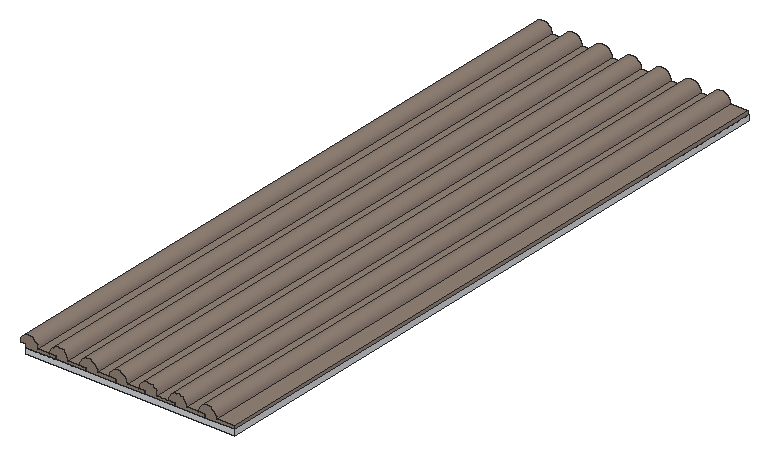
Revit family "Tambour Ellis 18  x 54", category Generic Models, host Face, Revit 2023
Family settings
  Host = Face
  Can host rebar = No
  Round Connector Dimension = Use Diameter
  Part Type = Normal
  Cut with Voids When Loaded = No
  Maintain Annotation Orientation = No
  Shared = No
  Room Calculation Point = No
Parameters (values of type "Tambour Ellis - 18 X 54 - WALNUT")
  Tambour Material = Cambio Wood Veneer - Walnut
  Default Elevation = 4' - 0"
Types (7): name | Tambour Material
  (no name) | Cambio Wood Veneer - Walnut
  Tambour Ellis - 18 X 54 - OAK | Cambio Wood Veneer - Oak
  Tambour Ellis - 18 X 54 - WALNUT | Cambio Wood Veneer - Walnut
  Tambour Ellis - 18 X 54 - SW MATTE BLACK | Cambio Color Block - Tricorn Black
  Tambour Ellis - 18 X 54 - SW MATTE WHITE | Cambio Color Block - White Flour
  Tambour Ellis - 18 X 54 - SW MATTE GRAY | Cambio Color Block - Serious Gray
  Tambour Ellis - 18 X 54 - SW MATTE LIGHT GRAY | Cambio Color Block - Morning Fog
Reference planes (in)
  plane 1 "Center (Front/Back)": y = 0
  plane 2: z = 0
  plane 3 "Center (Left/Right)": x = 0
Dimensions and locks (in)
  aligned and locked: plane 2 to host face
  aligned and locked: level to host face
Nested families (in)
  nested 1: "17.5 x 54 Substrate" at (0, 0, 0), type "17.5 x 54 Substrate"
  nested 2: "Tambour Ellis Stick" at (-8.5, 0, 0.47244), type "TAMBOUR .75 X 54" - OAK"
  nested 3: "Tambour Ellis Stick" at (-6, 0, 0.47244), type "TAMBOUR .75 X 54" - OAK"
  nested 4: "Tambour Ellis Stick" at (-3.5, 0, 0.47244), type "TAMBOUR .75 X 54" - OAK"
  nested 5: "Tambour Ellis Stick" at (-1, 0, 0.47244), type "TAMBOUR .75 X 54" - OAK"
  nested 6: "Tambour Ellis Stick" at (1.5, 0, 0.47244), type "TAMBOUR .75 X 54" - OAK"
  nested 7: "Tambour Ellis Stick" at (4, 0, 0.47244), type "TAMBOUR .75 X 54" - OAK"
  nested 8: "Tambour Ellis Stick" at (6.5, 0, 0.47244), type "TAMBOUR .75 X 54" - OAK"
Definition of nested family "17.5 x 54 Substrate"
  Parameters (values of type "17.5 x 54 Substrate")
    Width = 1' - 5 1/2"
    Substrate Material = none
    Substrate Height = 1' - 3"
    Height = 4' - 6"
    Default Elevation = 4' - 0"
  Reference planes (in)
    plane 1 "Center (Front/Back)": y = 0
    plane 2: z = 0
    plane 3 "Center (Left/Right)": x = 0
    plane 4: x = -9
  Forms (in)
    Extrusion 1, solid
      sketch origin (0, 0, 0) x (1, 0, 0) y (0, 1, 0)
        loop
          line (-48, 48) -> (-48, -48) -> (48, -48) -> (48, 48) -> (-48, 48)
      from 0 to -12
    Extrusion 2, solid, material <- "Substrate Material"
      sketch origin (0, 0, 0) x (1, 0, 0) y (0, 1, 0)
        loop
          line (-8.5, 27) -> (-8.5, -27) -> (9, -27) -> (9, 27) -> (-8.5, 27)
      from 0 to 0.47244
  Dimensions and locks (in)
    plane 4 to plane 3 "Center (Left/Right)" to Extrusion 2 sketch curve = 0' - 9", 0' - 9"
    equal spacing: Extrusion 2 sketch curve, plane 1 "Center (Front/Back)", Extrusion 2 sketch curve
    "Height": Extrusion 2 to Extrusion 2
    "Width": Extrusion 2 to Extrusion 2
    locked: plane 4 to Extrusion 2 sketch curve at 0.5
    aligned and locked: plane 2 to Extrusion 1
    aligned and locked: level to Extrusion 1
  Automatic sketch dimensions
    Extrusion 1 sketch curve to Extrusion 1 sketch curve = 8' - 0"  (x2)
    plane 1 "Center (Front/Back)" to Extrusion 2 sketch curve = 2' - 3"
Definition of nested family "Tambour Ellis Stick"
  Parameters (values of type "TAMBOUR .75 X 18" - OAK")
    TAMBOUR MATERIAL = none
    STICK LENGTH = 1' - 6"
    Default Elevation = 4' - 0"
  Types (25): name | STICK LENGTH
    (no name) | 1' - 6"
    TAMBOUR .75 X 18" - OAK | 1' - 6"
    TAMBOUR .75 X 36" - OAK | 3' - 0"
    TAMBOUR .75 X 54" - OAK | 4' - 6"
    TAMBOUR .75 X 90" - WALNUT | 7' - 6"
    TAMBOUR .75 X 18" - WALNUT | 1' - 6"
    TAMBOUR .75 X 36" - WALNUT | 3' - 0"
    TAMBOUR .75 X 54" - WALNUT | 4' - 6"
    TAMBOUR .75 X 90" - OAK | 7' - 6"
    TAMBOUR .75 X 18" - SW MATTE BLACK | 1' - 6"
    TAMBOUR .75 X 36" - SW MATTE BLACK | 3' - 0"
    TAMBOUR .75 X 54" - SW MATTE BLACK | 4' - 6"
    TAMBOUR .75 X 90" - SW MATTE BLACK | 7' - 6"
    TAMBOUR .75 X 90" - SW MATTE GREY | 7' - 6"
    TAMBOUR .75 X 54" - SW MATTE GREY | 4' - 6"
    TAMBOUR .75 X 36" - SW MATTE GREY | 4' - 6"
    TAMBOUR .75 X 18" - SW MATTE GREY | 1' - 6"
    TAMBOUR .75 X 18" -SW MATTE LIGHT GRAY | 1' - 6"
    TAMBOUR .75 X 36" -SW MATTE LIGHT GRAY | 3' - 0"
    TAMBOUR .75 X 54" -SW MATTE LIGHT GRAY | 4' - 6"
    TAMBOUR .75 X 90" -SW MATTE LIGHT GRAY | 7' - 6"
    TAMBOUR .75 X 90" -SW MATTE WHITE | 7' - 6"
    TAMBOUR .75 X 54" -SW MATTE WHITE | 4' - 6"
    TAMBOUR .75 X 36" -SW MATTE WHITE | 3' - 0"
    TAMBOUR .75 X 18" -SW MATTE WHITE | 1' - 6"
  Reference planes (in)
    plane 1 "Center (Front/Back)": y = 0
    plane 2: z = 0
    plane 3 "Center (Left/Right)": x = 0
    plane 4: y = -9
    plane 5: y = 9
  Forms (in)
    Extrusion 1, solid
      sketch origin (0, 0, 0) x (1, 0, 0) y (0, 1, 0)
        loop
          line (-48, 48) -> (-48, -48) -> (48, -48) -> (48, 48) -> (-48, 48)
      from 0 to -12
    Extrusion 2, solid, material <- "TAMBOUR MATERIAL"
      sketch origin (0, 0, 0) x (1, 0, 0) y (0, 0, 1)
        loop
          line (0, 0) -> (2.5, 0) -> (2.5, 0.25) -> (1, 0.25)
          arc (1, 0.25) -> (0.25, 1) -> (-0.5, 0.25) r 0.75
          line (-0.5, 0.25) -> (0, 0.25) -> (0, 0)
      from -9 to 9
  Dimensions and locks (in)
    equal spacing: plane 5, plane 1 "Center (Front/Back)", plane 4
    "STICK LENGTH": plane 5 to plane 4
    aligned and locked: plane 2 to Extrusion 1
    aligned and locked: level to Extrusion 1
    aligned and locked: Extrusion 2 to plane 4
    aligned and locked: plane 5 to Extrusion 2
  Automatic sketch dimensions
    Extrusion 1 sketch curve to Extrusion 1 sketch curve = 8' - 0"  (x2)
    Extrusion 2 sketch curve to plane 3 "Center (Left/Right)" = 0' - 0"
    Extrusion 2 sketch curve to level = 0' - 0"
    Extrusion 2 sketch curve to Extrusion 2 sketch curve = 0' - 0 1/2"
    plane 3 "Center (Left/Right)" to Extrusion 2 sketch curve = 0' - 0 1/4"
    level to Extrusion 2 sketch curve = 0' - 0 1/4"
    Extrusion 2 sketch curve to Extrusion 2 sketch curve = 0' - 1 1/2"
